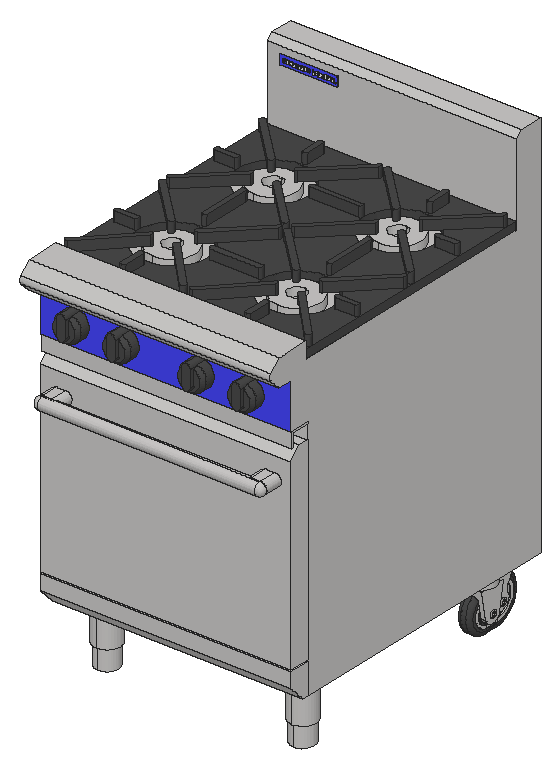
Revit family "QF_MOFFAT_BLUESEAL_CE_G504D", category Specialty Equipment, Revit 2012
Parameters
  Weight in Pounds = 346
  URL Cutsheet = "www.moffat.com"
  URL = "www.moffat.com"
  Type Mark [instance] = ""
  Status [instance] = ""
  Specification by User [instance] = ""
  Specification by Manufacturer = ""
  Show Logo [instance] = yes
  Show Clearance [instance] = yes
  Show Casters [instance] = yes
  Serial Number = ""
  Seismic Rating = ""
  SMACNA No = ""
  Revision Code [instance] = ""
  Omniclass Number and Title = ""
  NAFEM Spec ID Number = ""
  Model = "G504D"
  Mechanical Remarks [instance] = ""
  Mechanical Connection Type [instance] = ""
  Masterspec = ""
  Manufacturer = "MOFFAT BLUESEAL"
  Legs [instance] = not(Show Casters)  # no
  Item Number [instance] = ""
  Installed By [instance] = ""
  Identify Quantity as Lot [instance] = yes
  Gas Size = 3/4"
  Gas RI Height [instance] = 0 mm
  Gas KW [instance] = 34.6
  Gas Input [instance] = 118500.0 Btu/h
  Gas Connection Height = 0 mm
  Furnished By [instance] = ""
  Foodservice Equipment Identifier [instance] = yes
  Description = "600MM GAS RANGE WITH STATIC OVEN"
  CSI MasterFormat = ""
  CSI Master Format = ""
Reference planes
  plane 1 "BACK": y = 0
  plane 2: z = 0
  plane 3 "LEFT": x = 0
  plane 4 "RIGHT": x = 600
  plane 5 "FRONT": y = -812
  plane 6 "TOP": z = 970
  plane 7 "Center Y": x = 300
  plane 8 "Center X": y = -406
  plane 9: x = 65
  plane 10: x = 535
  plane 11: y = -100
  plane 12 "Base Height": z = 150
  plane 13: x = 65.8
  plane 14: x = 470
  plane 15: z = 1085
Forms (mm)
  Extrusion 1, solid, material "QF_Finishes_Stainless Steel"
    sketch origin (0, 0, 0) x (0, 1, 0) y (0, 0, 1)
      loop
        line (-784.97, 850) -> (-749, 850) -> (-749, 740) -> (-699, 740) -> (-699, 150) -> (0, 150) -> (0, 1085) -> (-57.5, 1085) -> (-70, 1072.5) -> (-70, 875) -> (-705, 875) -> (-705, 915) -> (-783.97, 915) -> (-808.525, 890.445)
        arc (-808.525, 890.445) -> (-812.023, 882) -> (-808.525, 873.555) r 11.943
        line (-808.525, 873.555) -> (-784.97, 850)
    from 0 to 600
  Extrusion 2, solid, material "QF_Finishes_Stainless Steel"
    sketch origin (405.062, 3, 100) x (1, 0, 0) y (0, 1, 0)
      loop
        circle (65, -35) r 13.5
    from 555 to 640
  Revolve 3, solid, material "QF_Finishes_Stainless Steel"
    sketch origin (65, -735, 0) x (0, 1, 0) y (0, 0, 1)
      loop
        line (71.25, 150) -> (71.25, 50) -> (75.5, 50) -> (75.5, 0) -> (103, 0) -> (103, 150) -> (71.25, 150)
      axis (103, 150) -> (103, 0)
    angle from 0 to 360
  Revolve 4, solid, material "QF_Finishes_Stainless Steel"
    sketch origin (535, -735, 0) x (0, 1, 0) y (0, 0, -1)
      loop
        line (71.25, -150) -> (103, -150) -> (103, 0) -> (75.5, 0) -> (75.5, -50) -> (71.25, -50) -> (71.25, -150)
      axis (103, -150) -> (103, 0)
    angle from 0 to 360
  Extrusion 5, solid, material "QF_Finishes_Black"
    sketch origin (0, -70, 875) x (0, -1, 0) y (1, 0, 0)
      loop
        arc (1, 4) -> (1.879, 1.879) -> (4, 1) r 3
        line (4, 1) -> (638, 1)
        arc (638, 1) -> (640.121, 1.879) -> (641, 4) r 3
        line (641, 4) -> (641, 596)
        arc (641, 596) -> (640.121, 598.121) -> (638, 599) r 3
        line (638, 599) -> (4, 599)
        arc (4, 599) -> (1.879, 598.121) -> (1, 596) r 3
        line (1, 596) -> (1, 4)
      loop
        circle (167.5, 150) r 85
      loop
        circle (167.5, 450) r 85
      loop
        circle (471.268, 150) r 85
      loop
        circle (471.268, 450) r 85
    from 0 to 19.5
  Extrusion 6, solid, material "QF_Finishes_Black"
    sketch origin (0, -70, 894.5) x (0, -1, 0) y (1, 0, 0)
      loop
        spline (323.602, 15.153) -> (322.681, 13.924) -> (322.131, 12.47) -> (321.99, 10.89) -> (322.267, 9.292) -> (322.943, 7.786) -> (323.973, 6.473) -> (325.286, 5.443) -> (326.792, 4.767) -> (328.39, 4.49) -> (329.97, 4.631) -> (331.424, 5.181) -> (332.653, 6.102)
        line (332.653, 6.102) -> (440.576, 114.025)
        spline (440.576, 114.025) -> (441.337, 115.095) -> (441.738, 116.399) -> (441.751, 117.851) -> (441.375, 119.35) -> (440.637, 120.795) -> (439.586, 122.086) -> (438.295, 123.137) -> (436.85, 123.875) -> (435.351, 124.251) -> (433.899, 124.238) -> (432.595, 123.837) -> (431.525, 123.076)
        line (431.525, 123.076) -> (323.602, 15.153)
      loop
        line (618.398, 15.153) -> (503.475, 123.076)
        spline (503.475, 123.076) -> (502.405, 123.837) -> (501.101, 124.238) -> (499.649, 124.251) -> (498.15, 123.875) -> (496.705, 123.137) -> (495.414, 122.086) -> (494.363, 120.795) -> (493.625, 119.35) -> (493.249, 117.851) -> (493.262, 116.399) -> (493.663, 115.095) -> (494.424, 114.025)
        line (494.424, 114.025) -> (609.347, 6.102)
        spline (609.347, 6.102) -> (610.416, 5.341) -> (611.721, 4.941) -> (613.172, 4.928) -> (614.671, 5.303) -> (616.116, 6.041) -> (617.408, 7.092) -> (618.459, 8.384) -> (619.197, 9.829) -> (619.572, 11.328) -> (619.559, 12.779) -> (619.159, 14.084) -> (618.398, 15.153)
      loop
        spline (375.602, 143.6) -> (376.896, 143.818) -> (378.102, 144.457) -> (379.138, 145.475) -> (379.932, 146.8) -> (380.432, 148.344) -> (380.602, 150) -> (380.432, 151.656) -> (379.932, 153.2) -> (379.138, 154.525) -> (378.102, 155.543) -> (376.896, 156.182) -> (375.602, 156.4)
        line (375.602, 156.4) -> (259.398, 156.4)
        spline (259.398, 156.4) -> (258.104, 156.182) -> (256.898, 155.543) -> (255.862, 154.525) -> (255.068, 153.2) -> (254.568, 151.656) -> (254.398, 150) -> (254.568, 148.344) -> (255.068, 146.8) -> (255.862, 145.475) -> (256.898, 144.457) -> (258.104, 143.818) -> (259.398, 143.6)
        line (259.398, 143.6) -> (375.602, 143.6)
      loop
        spline (23.602, 15.153) -> (22.681, 13.924) -> (22.131, 12.47) -> (21.99, 10.89) -> (22.267, 9.292) -> (22.943, 7.786) -> (23.973, 6.473) -> (25.286, 5.443) -> (26.792, 4.767) -> (28.39, 4.49) -> (29.97, 4.631) -> (31.424, 5.181) -> (32.653, 6.102)
        line (32.653, 6.102) -> (140.576, 114.025)
        spline (140.576, 114.025) -> (141.337, 115.095) -> (141.738, 116.399) -> (141.751, 117.851) -> (141.375, 119.35) -> (140.637, 120.795) -> (139.586, 122.086) -> (138.295, 123.137) -> (136.85, 123.875) -> (135.351, 124.251) -> (133.899, 124.238) -> (132.595, 123.837) -> (131.525, 123.076)
        line (131.525, 123.076) -> (23.602, 15.153)
      loop
        line (311.398, 15.153) -> (203.475, 123.076)
        spline (203.475, 123.076) -> (202.405, 123.837) -> (201.101, 124.238) -> (199.649, 124.251) -> (198.15, 123.875) -> (196.705, 123.137) -> (195.414, 122.086) -> (194.363, 120.795) -> (193.625, 119.35) -> (193.249, 117.851) -> (193.262, 116.399) -> (193.663, 115.095) -> (194.424, 114.025)
        line (194.424, 114.025) -> (302.347, 6.102)
        spline (302.347, 6.102) -> (303.416, 5.341) -> (304.721, 4.941) -> (306.172, 4.928) -> (307.671, 5.303) -> (309.116, 6.041) -> (310.408, 7.092) -> (311.459, 8.384) -> (312.197, 9.829) -> (312.572, 11.328) -> (312.559, 12.779) -> (312.159, 14.084) -> (311.398, 15.153)
      loop
        line (323.602, 284.847) -> (431.525, 176.924)
        spline (431.525, 176.924) -> (432.595, 176.163) -> (433.899, 175.762) -> (435.351, 175.749) -> (436.85, 176.125) -> (438.295, 176.863) -> (439.586, 177.914) -> (440.637, 179.205) -> (441.375, 180.65) -> (441.751, 182.149) -> (441.738, 183.601) -> (441.337, 184.905) -> (440.576, 185.975)
        line (440.576, 185.975) -> (332.653, 293.898)
        spline (332.653, 293.898) -> (331.424, 294.819) -> (329.97, 295.369) -> (328.39, 295.51) -> (326.792, 295.233) -> (325.286, 294.557) -> (323.973, 293.527) -> (322.943, 292.214) -> (322.267, 290.708) -> (321.99, 289.11) -> (322.131, 287.53) -> (322.681, 286.076) -> (323.602, 284.847)
      loop
        spline (618.398, 284.847) -> (619.159, 285.916) -> (619.559, 287.221) -> (619.572, 288.672) -> (619.197, 290.171) -> (618.459, 291.616) -> (617.408, 292.908) -> (616.116, 293.959) -> (614.671, 294.697) -> (613.172, 295.072) -> (611.721, 295.059) -> (610.416, 294.659) -> (609.347, 293.898)
        line (609.347, 293.898) -> (494.424, 185.975)
        spline (494.424, 185.975) -> (493.663, 184.905) -> (493.262, 183.601) -> (493.249, 182.149) -> (493.625, 180.65) -> (494.363, 179.205) -> (495.414, 177.914) -> (496.705, 176.863) -> (498.15, 176.125) -> (499.649, 175.749) -> (501.101, 175.762) -> (502.405, 176.163) -> (503.475, 176.924)
        line (503.475, 176.924) -> (618.398, 284.847)
      loop
        spline (461.1, 241.898) -> (461.318, 240.604) -> (461.957, 239.398) -> (462.975, 238.362) -> (464.3, 237.568) -> (465.844, 237.068) -> (467.5, 236.898) -> (469.156, 237.068) -> (470.7, 237.568) -> (472.025, 238.362) -> (473.043, 239.398) -> (473.682, 240.604) -> (473.9, 241.898)
        line (473.9, 241.898) -> (473.9, 358.102)
        spline (473.9, 358.102) -> (473.682, 359.396) -> (473.043, 360.602) -> (472.025, 361.638) -> (470.7, 362.432) -> (469.156, 362.932) -> (467.5, 363.102) -> (465.844, 362.932) -> (464.3, 362.432) -> (462.975, 361.638) -> (461.957, 360.602) -> (461.318, 359.396) -> (461.1, 358.102)
        line (461.1, 358.102) -> (461.1, 241.898)
      loop
        line (23.602, 284.847) -> (131.525, 176.924)
        spline (131.525, 176.924) -> (132.595, 176.163) -> (133.899, 175.762) -> (135.351, 175.749) -> (136.85, 176.125) -> (138.295, 176.863) -> (139.586, 177.914) -> (140.637, 179.205) -> (141.375, 180.65) -> (141.751, 182.149) -> (141.738, 183.601) -> (141.337, 184.905) -> (140.576, 185.975)
        line (140.576, 185.975) -> (32.653, 293.898)
        spline (32.653, 293.898) -> (31.424, 294.819) -> (29.97, 295.369) -> (28.39, 295.51) -> (26.792, 295.233) -> (25.286, 294.557) -> (23.973, 293.527) -> (22.943, 292.214) -> (22.267, 290.708) -> (21.99, 289.11) -> (22.131, 287.53) -> (22.681, 286.076) -> (23.602, 284.847)
      loop
        spline (311.398, 284.847) -> (312.159, 285.916) -> (312.559, 287.221) -> (312.572, 288.672) -> (312.197, 290.171) -> (311.459, 291.616) -> (310.408, 292.908) -> (309.116, 293.959) -> (307.671, 294.697) -> (306.172, 295.072) -> (304.721, 295.059) -> (303.416, 294.659) -> (302.347, 293.898)
        line (302.347, 293.898) -> (194.424, 185.975)
        spline (194.424, 185.975) -> (193.663, 184.905) -> (193.262, 183.601) -> (193.249, 182.149) -> (193.625, 180.65) -> (194.363, 179.205) -> (195.414, 177.914) -> (196.705, 176.863) -> (198.15, 176.125) -> (199.649, 175.749) -> (201.101, 175.762) -> (202.405, 176.163) -> (203.475, 176.924)
        line (203.475, 176.924) -> (311.398, 284.847)
      loop
        spline (161.1, 241.898) -> (161.318, 240.604) -> (161.957, 239.398) -> (162.975, 238.362) -> (164.3, 237.568) -> (165.844, 237.068) -> (167.5, 236.898) -> (169.156, 237.068) -> (170.7, 237.568) -> (172.025, 238.362) -> (173.043, 239.398) -> (173.682, 240.604) -> (173.9, 241.898)
        line (173.9, 241.898) -> (173.9, 358.102)
        spline (173.9, 358.102) -> (173.682, 359.396) -> (173.043, 360.602) -> (172.025, 361.638) -> (170.7, 362.432) -> (169.156, 362.932) -> (167.5, 363.102) -> (165.844, 362.932) -> (164.3, 362.432) -> (162.975, 361.638) -> (161.957, 360.602) -> (161.318, 359.396) -> (161.1, 358.102)
        line (161.1, 358.102) -> (161.1, 241.898)
      loop
        line (323.602, 584.847) -> (431.525, 476.924)
        spline (431.525, 476.924) -> (432.595, 476.163) -> (433.899, 475.762) -> (435.351, 475.749) -> (436.85, 476.125) -> (438.295, 476.863) -> (439.586, 477.914) -> (440.637, 479.205) -> (441.375, 480.65) -> (441.751, 482.149) -> (441.738, 483.601) -> (441.337, 484.905) -> (440.576, 485.975)
        line (440.576, 485.975) -> (332.653, 593.898)
        spline (332.653, 593.898) -> (331.424, 594.819) -> (329.97, 595.369) -> (328.39, 595.51) -> (326.792, 595.233) -> (325.286, 594.557) -> (323.973, 593.527) -> (322.943, 592.214) -> (322.267, 590.708) -> (321.99, 589.11) -> (322.131, 587.53) -> (322.681, 586.076) -> (323.602, 584.847)
      loop
        spline (618.398, 584.847) -> (619.159, 585.916) -> (619.559, 587.221) -> (619.572, 588.672) -> (619.197, 590.171) -> (618.459, 591.616) -> (617.408, 592.908) -> (616.116, 593.959) -> (614.671, 594.697) -> (613.172, 595.072) -> (611.721, 595.059) -> (610.416, 594.659) -> (609.347, 593.898)
        line (609.347, 593.898) -> (494.424, 485.975)
        spline (494.424, 485.975) -> (493.663, 484.905) -> (493.262, 483.601) -> (493.249, 482.149) -> (493.625, 480.65) -> (494.363, 479.205) -> (495.414, 477.914) -> (496.705, 476.863) -> (498.15, 476.125) -> (499.649, 475.749) -> (501.101, 475.762) -> (502.405, 476.163) -> (503.475, 476.924)
        line (503.475, 476.924) -> (618.398, 584.847)
      loop
        line (375.602, 456.4) -> (259.398, 456.4)
        spline (259.398, 456.4) -> (258.104, 456.182) -> (256.898, 455.543) -> (255.862, 454.525) -> (255.068, 453.2) -> (254.568, 451.656) -> (254.398, 450) -> (254.568, 448.344) -> (255.068, 446.8) -> (255.862, 445.475) -> (256.898, 444.457) -> (258.104, 443.818) -> (259.398, 443.6)
        line (259.398, 443.6) -> (375.602, 443.6)
        spline (375.602, 443.6) -> (376.896, 443.818) -> (378.102, 444.457) -> (379.138, 445.475) -> (379.932, 446.8) -> (380.432, 448.344) -> (380.602, 450) -> (380.432, 451.656) -> (379.932, 453.2) -> (379.138, 454.525) -> (378.102, 455.543) -> (376.896, 456.182) -> (375.602, 456.4)
      loop
        line (23.602, 584.847) -> (131.525, 476.924)
        spline (131.525, 476.924) -> (132.595, 476.163) -> (133.899, 475.762) -> (135.351, 475.749) -> (136.85, 476.125) -> (138.295, 476.863) -> (139.586, 477.914) -> (140.637, 479.205) -> (141.375, 480.65) -> (141.751, 482.149) -> (141.738, 483.601) -> (141.337, 484.905) -> (140.576, 485.975)
        line (140.576, 485.975) -> (32.653, 593.898)
        spline (32.653, 593.898) -> (31.424, 594.819) -> (29.97, 595.369) -> (28.39, 595.51) -> (26.792, 595.233) -> (25.286, 594.557) -> (23.973, 593.527) -> (22.943, 592.214) -> (22.267, 590.708) -> (21.99, 589.11) -> (22.131, 587.53) -> (22.681, 586.076) -> (23.602, 584.847)
      loop
        spline (311.398, 584.847) -> (312.159, 585.916) -> (312.559, 587.221) -> (312.572, 588.672) -> (312.197, 590.171) -> (311.459, 591.616) -> (310.408, 592.908) -> (309.116, 593.959) -> (307.671, 594.697) -> (306.172, 595.072) -> (304.721, 595.059) -> (303.416, 594.659) -> (302.347, 593.898)
        line (302.347, 593.898) -> (194.424, 485.975)
        spline (194.424, 485.975) -> (193.663, 484.905) -> (193.262, 483.601) -> (193.249, 482.149) -> (193.625, 480.65) -> (194.363, 479.205) -> (195.414, 477.914) -> (196.705, 476.863) -> (198.15, 476.125) -> (199.649, 475.749) -> (201.101, 475.762) -> (202.405, 476.163) -> (203.475, 476.924)
        line (203.475, 476.924) -> (311.398, 584.847)
      loop
        spline (323.602, 315.153) -> (322.681, 313.924) -> (322.131, 312.47) -> (321.99, 310.89) -> (322.267, 309.292) -> (322.943, 307.786) -> (323.973, 306.473) -> (325.286, 305.443) -> (326.792, 304.767) -> (328.39, 304.49) -> (329.97, 304.631) -> (331.424, 305.181) -> (332.653, 306.102)
        line (332.653, 306.102) -> (440.576, 414.025)
        spline (440.576, 414.025) -> (441.337, 415.095) -> (441.738, 416.399) -> (441.751, 417.851) -> (441.375, 419.35) -> (440.637, 420.795) -> (439.586, 422.086) -> (438.295, 423.137) -> (436.85, 423.875) -> (435.351, 424.251) -> (433.899, 424.238) -> (432.595, 423.837) -> (431.525, 423.076)
        line (431.525, 423.076) -> (323.602, 315.153)
      loop
        line (618.398, 315.153) -> (503.475, 423.076)
        spline (503.475, 423.076) -> (502.405, 423.837) -> (501.101, 424.238) -> (499.649, 424.251) -> (498.15, 423.875) -> (496.705, 423.137) -> (495.414, 422.086) -> (494.363, 420.795) -> (493.625, 419.35) -> (493.249, 417.851) -> (493.262, 416.399) -> (493.663, 415.095) -> (494.424, 414.025)
        line (494.424, 414.025) -> (609.347, 306.102)
        spline (609.347, 306.102) -> (610.416, 305.341) -> (611.721, 304.941) -> (613.172, 304.928) -> (614.671, 305.303) -> (616.116, 306.041) -> (617.408, 307.092) -> (618.459, 308.384) -> (619.197, 309.829) -> (619.572, 311.328) -> (619.559, 312.779) -> (619.159, 314.084) -> (618.398, 315.153)
      loop
        spline (23.602, 315.153) -> (22.681, 313.924) -> (22.131, 312.47) -> (21.99, 310.89) -> (22.267, 309.292) -> (22.943, 307.786) -> (23.973, 306.473) -> (25.286, 305.443) -> (26.792, 304.767) -> (28.39, 304.49) -> (29.97, 304.631) -> (31.424, 305.181) -> (32.653, 306.102)
        line (32.653, 306.102) -> (140.576, 414.025)
        spline (140.576, 414.025) -> (141.337, 415.095) -> (141.738, 416.399) -> (141.751, 417.851) -> (141.375, 419.35) -> (140.637, 420.795) -> (139.586, 422.086) -> (138.295, 423.137) -> (136.85, 423.875) -> (135.351, 424.251) -> (133.899, 424.238) -> (132.595, 423.837) -> (131.525, 423.076)
        line (131.525, 423.076) -> (23.602, 315.153)
      loop
        line (311.398, 315.153) -> (203.475, 423.076)
        spline (203.475, 423.076) -> (202.405, 423.837) -> (201.101, 424.238) -> (199.649, 424.251) -> (198.15, 423.875) -> (196.705, 423.137) -> (195.414, 422.086) -> (194.363, 420.795) -> (193.625, 419.35) -> (193.249, 417.851) -> (193.262, 416.399) -> (193.663, 415.095) -> (194.424, 414.025)
        line (194.424, 414.025) -> (302.347, 306.102)
        spline (302.347, 306.102) -> (303.416, 305.341) -> (304.721, 304.941) -> (306.172, 304.928) -> (307.671, 305.303) -> (309.116, 306.041) -> (310.408, 307.092) -> (311.459, 308.384) -> (312.197, 309.829) -> (312.572, 311.328) -> (312.559, 312.779) -> (312.159, 314.084) -> (311.398, 315.153)
      loop
        spline (73.08, 143.6) -> (74.374, 143.818) -> (75.58, 144.457) -> (76.615, 145.475) -> (77.41, 146.8) -> (77.909, 148.344) -> (78.08, 150) -> (77.909, 151.656) -> (77.41, 153.2) -> (76.615, 154.525) -> (75.58, 155.543) -> (74.374, 156.182) -> (73.08, 156.4)
        line (73.08, 156.4) -> (26.876, 156.4)
        spline (26.876, 156.4) -> (25.582, 156.182) -> (24.376, 155.543) -> (23.34, 154.525) -> (22.546, 153.2) -> (22.046, 151.656) -> (21.876, 150) -> (22.046, 148.344) -> (22.546, 146.8) -> (23.34, 145.475) -> (24.376, 144.457) -> (25.582, 143.818) -> (26.876, 143.6)
        line (26.876, 143.6) -> (73.08, 143.6)
      loop
        spline (73.08, 443.612) -> (74.374, 443.83) -> (75.58, 444.469) -> (76.615, 445.486) -> (77.41, 446.812) -> (77.909, 448.355) -> (78.08, 450.012) -> (77.909, 451.668) -> (77.41, 453.212) -> (76.615, 454.537) -> (75.58, 455.554) -> (74.374, 456.194) -> (73.08, 456.412)
        line (73.08, 456.412) -> (26.876, 456.412)
        spline (26.876, 456.412) -> (25.582, 456.194) -> (24.376, 455.554) -> (23.34, 454.537) -> (22.546, 453.212) -> (22.046, 451.668) -> (21.876, 450.012) -> (22.046, 448.355) -> (22.546, 446.812) -> (23.34, 445.486) -> (24.376, 444.469) -> (25.582, 443.83) -> (26.876, 443.612)
        line (26.876, 443.612) -> (73.08, 443.612)
      loop
        spline (620.08, 143.6) -> (621.374, 143.818) -> (622.58, 144.457) -> (623.615, 145.475) -> (624.41, 146.8) -> (624.909, 148.344) -> (625.08, 150) -> (624.909, 151.656) -> (624.41, 153.2) -> (623.615, 154.525) -> (622.58, 155.543) -> (621.374, 156.182) -> (620.08, 156.4)
        line (620.08, 156.4) -> (566.876, 156.4)
        spline (566.876, 156.4) -> (565.582, 156.182) -> (564.376, 155.543) -> (563.34, 154.525) -> (562.546, 153.2) -> (562.046, 151.656) -> (561.876, 150) -> (562.046, 148.344) -> (562.546, 146.8) -> (563.34, 145.475) -> (564.376, 144.457) -> (565.582, 143.818) -> (566.876, 143.6)
        line (566.876, 143.6) -> (620.08, 143.6)
      loop
        spline (620.08, 443.612) -> (621.374, 443.83) -> (622.58, 444.469) -> (623.615, 445.486) -> (624.41, 446.812) -> (624.909, 448.355) -> (625.08, 450.012) -> (624.909, 451.668) -> (624.41, 453.212) -> (623.615, 454.537) -> (622.58, 455.554) -> (621.374, 456.194) -> (620.08, 456.412)
        line (620.08, 456.412) -> (566.876, 456.412)
        spline (566.876, 456.412) -> (565.582, 456.194) -> (564.376, 455.554) -> (563.34, 454.537) -> (562.546, 453.212) -> (562.046, 451.668) -> (561.876, 450.012) -> (562.046, 448.355) -> (562.546, 446.812) -> (563.34, 445.486) -> (564.376, 444.469) -> (565.582, 443.83) -> (566.876, 443.612)
        line (566.876, 443.612) -> (620.08, 443.612)
      loop
        spline (161.1, 13.784) -> (161.318, 12.49) -> (161.957, 11.284) -> (162.975, 10.248) -> (164.3, 9.454) -> (165.844, 8.954) -> (167.5, 8.784) -> (169.156, 8.954) -> (170.7, 9.454) -> (172.025, 10.248) -> (173.043, 11.284) -> (173.682, 12.49) -> (173.9, 13.784)
        line (173.9, 13.784) -> (173.9, 59.988)
        spline (173.9, 59.988) -> (173.682, 61.282) -> (173.043, 62.488) -> (172.025, 63.524) -> (170.7, 64.318) -> (169.156, 64.818) -> (167.5, 64.988) -> (165.844, 64.818) -> (164.3, 64.318) -> (162.975, 63.524) -> (161.957, 62.488) -> (161.318, 61.282) -> (161.1, 59.988)
        line (161.1, 59.988) -> (161.1, 13.784)
      loop
        spline (461.368, 13.784) -> (461.586, 12.49) -> (462.225, 11.284) -> (463.242, 10.248) -> (464.568, 9.454) -> (466.111, 8.954) -> (467.768, 8.784) -> (469.424, 8.954) -> (470.968, 9.454) -> (472.293, 10.248) -> (473.31, 11.284) -> (473.95, 12.49) -> (474.168, 13.784)
        line (474.168, 13.784) -> (474.168, 59.988)
        spline (474.168, 59.988) -> (473.95, 61.282) -> (473.31, 62.488) -> (472.293, 63.524) -> (470.968, 64.318) -> (469.424, 64.818) -> (467.768, 64.988) -> (466.111, 64.818) -> (464.568, 64.318) -> (463.242, 63.524) -> (462.225, 62.488) -> (461.586, 61.282) -> (461.368, 59.988)
        line (461.368, 59.988) -> (461.368, 13.784)
      loop
        spline (161.1, 542.764) -> (161.318, 541.47) -> (161.957, 540.264) -> (162.975, 539.229) -> (164.3, 538.434) -> (165.844, 537.934) -> (167.5, 537.764) -> (169.156, 537.934) -> (170.7, 538.434) -> (172.025, 539.229) -> (173.043, 540.264) -> (173.682, 541.47) -> (173.9, 542.764)
        line (173.9, 542.764) -> (173.9, 588.968)
        spline (173.9, 588.968) -> (173.682, 590.262) -> (173.043, 591.468) -> (172.025, 592.504) -> (170.7, 593.298) -> (169.156, 593.798) -> (167.5, 593.968) -> (165.844, 593.798) -> (164.3, 593.298) -> (162.975, 592.504) -> (161.957, 591.468) -> (161.318, 590.262) -> (161.1, 588.968)
        line (161.1, 588.968) -> (161.1, 542.764)
      loop
        spline (461.368, 542.764) -> (461.586, 541.47) -> (462.225, 540.264) -> (463.242, 539.229) -> (464.568, 538.434) -> (466.111, 537.934) -> (467.768, 537.764) -> (469.424, 537.934) -> (470.968, 538.434) -> (472.293, 539.229) -> (473.31, 540.264) -> (473.95, 541.47) -> (474.168, 542.764)
        line (474.168, 542.764) -> (474.168, 588.968)
        spline (474.168, 588.968) -> (473.95, 590.262) -> (473.31, 591.468) -> (472.293, 592.504) -> (470.968, 593.298) -> (469.424, 593.798) -> (467.768, 593.968) -> (466.111, 593.798) -> (464.568, 593.298) -> (463.242, 592.504) -> (462.225, 591.468) -> (461.586, 590.262) -> (461.368, 588.968)
        line (461.368, 588.968) -> (461.368, 542.764)
    from 0 to 23.5
  Revolve 7, solid, material "QF_Finishes_Black"
    sketch origin (208.75, 9, 759.75) x (0, -1, 0) y (0, 0, 1)
      loop
        line (789, 69.605) -> (766, 69.605) -> (766, 42.105) -> (756, 42.105) -> (756, 37.105) -> (800, 37.105) -> (800, 63.757) -> (789, 69.605)
      axis (800, 37.105) -> (756, 37.105)
    angle from 0 to 360
  Extrusion 8, solid, material "QF_Finishes_Black"
    sketch origin (70.319, 9, 655.753) x (1, 0, 0) y (0, 0, 1)
      loop
        line (148.431, 129) -> (148.431, 167.997)
        arc (148.431, 167.997) -> (138.431, 177.997) -> (128.431, 167.997) r 10
        line (128.431, 167.997) -> (128.431, 129)
        arc (128.431, 129) -> (138.431, 119) -> (148.431, 129) r 10
    from 759 to 808
  Revolve 9, solid, material "QF_Finishes_Black"
    sketch origin (88.749, 9, 759.623) x (0, 1, 0) y (0, 0, -1)
      loop
        line (-789, -69.5) -> (-766, -69.5) -> (-766, -42) -> (-756, -42) -> (-756, -37) -> (-800, -37) -> (-800, -63.651) -> (-789, -69.5)
      axis (-800, -37) -> (-756, -37)
    angle from 0 to 360
  Extrusion 10, solid, material "QF_Finishes_Black"
    sketch origin (227.019, 9, 759.781) x (-1, 0, 0) y (0, 0, -1)
      loop
        arc (148.269, -24.969) -> (138.269, -14.969) -> (128.269, -24.969) r 10
        line (128.269, -24.969) -> (128.269, -63.969)
        arc (128.269, -63.969) -> (138.269, -73.969) -> (148.269, -63.969) r 10
        line (148.269, -63.969) -> (148.269, -24.969)
    from 759 to 808
  Revolve 11, solid, material "QF_Finishes_Black"
    sketch origin (508.75, 9, 759.75) x (0, -1, 0) y (0, 0, 1)
      loop
        line (789, 69.605) -> (766, 69.605) -> (766, 42.105) -> (756, 42.105) -> (756, 37.105) -> (800, 37.105) -> (800, 63.757) -> (789, 69.605)
      axis (800, 37.105) -> (756, 37.105)
    angle from 0 to 360
  Extrusion 12, solid, material "QF_Finishes_Black"
    sketch origin (370.319, 9, 655.753) x (1, 0, 0) y (0, 0, 1)
      loop
        line (148.431, 129) -> (148.431, 167.997)
        arc (148.431, 167.997) -> (138.431, 177.997) -> (128.431, 167.997) r 10
        line (128.431, 167.997) -> (128.431, 129)
        arc (128.431, 129) -> (138.431, 119) -> (148.431, 129) r 10
    from 759 to 808
  Revolve 13, solid, material "QF_Finishes_Black"
    sketch origin (388.749, 9, 759.623) x (0, 1, 0) y (0, 0, -1)
      loop
        line (-789, -69.5) -> (-766, -69.5) -> (-766, -42) -> (-756, -42) -> (-756, -37) -> (-800, -37) -> (-800, -63.651) -> (-789, -69.5)
      axis (-800, -37) -> (-756, -37)
    angle from 0 to 360
  Extrusion 14, solid, material "QF_Finishes_Black"
    sketch origin (527.019, 9, 759.781) x (-1, 0, 0) y (0, 0, -1)
      loop
        arc (148.269, -24.969) -> (138.269, -14.969) -> (128.269, -24.969) r 10
        line (128.269, -24.969) -> (128.269, -63.969)
        arc (128.269, -63.969) -> (138.269, -73.969) -> (148.269, -63.969) r 10
        line (148.269, -63.969) -> (148.269, -24.969)
    from 759 to 808
  Extrusion 15, solid, material "QF_Door-Drawer Clearances", visible <- "Show Clearance", detail levels coarse
    sketch origin (0, 7, 0) x (0, -1, 0) y (0, 0, 1)
      loop
        line (756, 690.016) -> (756, 227.5) -> (1218.516, 227.5)
        arc (1218.516, 227.5) -> (1083.048, 554.548) -> (756, 690.016) r 462.516
    from 0 to -600
  Extrusion 16, void
    sketch origin (0, 0, 150) x (-1, 0, 0) y (0, -1, 0)
      loop
        line (-531.028, 89.21) -> (-531.028, -28.29) -> (-401.528, -28.29) -> (-401.528, 40.71) -> (-450.028, 89.21) -> (-531.028, 89.21)
    from 72.5 to 590
  Extrusion 17, solid, material "QF_Finishes_Stainless Steel"
    sketch origin (0, -70, 875) x (0, -1, 0) y (1, 0, 0)
      loop
        circle (171, 450) r 57
      loop
        circle (474.5, 450) r 57
      loop
        circle (474.5, 150) r 57
      loop
        circle (171, 150) r 57
      loop
        circle (168.302, 148.743) r 22
      loop
        circle (168.302, 448.743) r 22
      loop
        circle (471.802, 448.743) r 22
      loop
        circle (471.802, 148.743) r 22
    from 0 to 19.5
  Extrusion 18, solid, material "QF_Finishes_Stainless Steel"
    sketch origin (0, -749, 227.5) x (0, 0, 1) y (-1, 0, 0)
      loop
        line (380.625, -38.246) -> (380.625, -58.528)
        arc (380.625, -58.528) -> (395.625, -73.528) -> (410.625, -58.528) r 15
        line (410.625, -58.528) -> (410.625, -38.246)
        arc (410.625, -38.246) -> (395.625, -23.246) -> (380.625, -38.246) r 15
      loop
        arc (380.625, -560.539) -> (395.625, -575.539) -> (410.625, -560.539) r 15
        line (410.625, -560.539) -> (410.625, -540.257)
        arc (410.625, -540.257) -> (395.625, -525.257) -> (380.625, -540.257) r 15
        line (380.625, -540.257) -> (380.625, -560.539)
    from 0 to 44
  Revolve 19, solid, material "QF_Finishes_Stainless Steel"
    sketch origin (0, -793, 0) x (1, 0, 0) y (0, 0, 1)
      loop
        arc (575.539, 623.125) -> (571.146, 633.732) -> (560.539, 638.125) r 15
        line (560.539, 638.125) -> (38.246, 638.125)
        arc (38.246, 638.125) -> (27.64, 633.732) -> (23.246, 623.125) r 15
        line (23.246, 623.125) -> (575.539, 623.125)
      axis (575.539, 623.125) -> (23.246, 623.125)
    angle from 0 to 360
  Extrusion 20, solid, material "QF_Finishes_Stainless Steel"
    sketch origin (0, 9, 0) x (0, 1, 0) y (0, 0, 1)
      loop
        line (-708, 227.5) -> (-708, 700) -> (-734, 700) -> (-758, 676) -> (-758, 227.5) -> (-708, 227.5)
    from 0 to 600
  Extrusion 21, solid, material "QF_Finishes_Stainless Steel"
    sketch origin (0, 9, 0) x (0, 1, 0) y (0, 0, 1)
      loop
        line (-756, 738) -> (-756, 703) -> (-752.98, 703) -> (-752.98, 735) -> (-708, 735) -> (-708, 738) -> (-756, 738)
    from 0 to 600
  Extrusion 22, solid, material "QF_Finishes_Stainless Steel"
    sketch origin (0, 9, 0) x (0, 1, 0) y (0, 0, 1)
      loop
        line (-708, 222.5) -> (-758, 222.5) -> (-758, 186) -> (-722, 150) -> (-708, 150) -> (-708, 222.5)
    from 0 to 600
  Extrusion 23, solid, material "QF_Finishes_Stainless Steel", visible <- "Show Casters"
    sketch origin (71.501, 133.353, -8.783) x (0, 1, 0) y (0, 0, 1)
      loop
        line (-201.603, 118.783) -> (-265.103, 118.783) -> (-252.746, 53.895)
        arc (-252.746, 53.895) -> (-233.353, 38.783) -> (-213.959, 53.895) r 20
        line (-213.959, 53.895) -> (-201.603, 118.783)
    from -35.667 to 22.923
  Revolve 24, solid, material "QF_Finishes_Stainless Steel", visible <- "Show Casters"
    sketch origin (65, -203, 0) x (0, 1, 0) y (0, 0, 1)
      loop
        line (67.25, 150) -> (67.25, 110) -> (103, 110) -> (103, 150) -> (67.25, 150)
      axis (103, 150) -> (103, 110)
    angle from 0 to 360
  Revolve 25, solid, material "QF_Finishes_Stainless Steel", visible <- "Show Casters"
    sketch origin (535, -203, 0) x (0, 1, 0) y (0, 0, -1)
      loop
        line (67.25, -150) -> (103, -150) -> (103, -110) -> (67.25, -110) -> (67.25, -150)
      axis (103, -150) -> (103, -110)
    angle from 0 to 360
  Revolve 26, solid, material "QF_Finishes_Stainless Steel", visible <- "Show Casters"
    sketch origin (485.776, -99.755, -13.653) x (1, 0, 0) y (0, 0, 1)
      loop
        line (14.841, 64.453) -> (83.584, 64.453) -> (83.584, 67.958) -> (82.314, 69.228) -> (80.79, 69.228) -> (80.79, 72.674) -> (68.644, 72.674) -> (68.644, 82.639) -> (65.088, 84.692) -> (63.738, 93.028) -> (65.881, 93.028) -> (65.881, 99.378) -> (65.088, 99.378) -> (65.088, 105.728)
        arc (65.088, 105.728) -> (62.298, 112.463) -> (55.563, 115.253) r 9.525
        line (55.563, 115.253) -> (42.863, 115.253)
        arc (42.863, 115.253) -> (36.127, 112.463) -> (33.338, 105.728) r 9.525
        line (33.338, 105.728) -> (33.338, 99.378) -> (32.544, 99.378) -> (32.544, 93.028) -> (34.687, 93.028) -> (33.352, 84.781) -> (29.782, 82.719) -> (29.782, 72.674) -> (17.635, 72.674) -> (17.635, 69.228) -> (16.111, 69.228) -> (14.841, 67.958) -> (14.841, 64.453)
      axis (14.841, 64.453) -> (83.584, 64.453)
    angle from 0 to 360
  Extrusion 27, solid, material "QF_Finishes_Stainless Steel", visible <- "Show Casters"
    sketch origin (541.501, 133.353, -8.783) x (0, 1, 0) y (0, 0, 1)
      loop
        line (-201.603, 118.783) -> (-265.103, 118.783) -> (-252.746, 53.895)
        arc (-252.746, 53.895) -> (-233.353, 38.783) -> (-213.959, 53.895) r 20
        line (-213.959, 53.895) -> (-201.603, 118.783)
    from -35.667 to 22.923
  Revolve 28, solid, material "QF_Finishes_Stainless Steel", visible <- "Legs"
    sketch origin (65, -165, 0) x (0, 1, 0) y (0, 0, 1)
      loop
        line (33.25, 150) -> (33.25, 50) -> (37.5, 50) -> (37.5, 0) -> (65, 0) -> (65, 150) -> (33.25, 150)
      axis (65, 150) -> (65, 0)
    angle from 0 to 360
  Revolve 29, solid, material "QF_Finishes_Stainless Steel", visible <- "Legs"
    sketch origin (535, -165, 0) x (0, 1, 0) y (0, 0, -1)
      loop
        line (33.25, -150) -> (65, -150) -> (65, 0) -> (37.5, 0) -> (37.5, -50) -> (33.25, -50) -> (33.25, -150)
      axis (65, -150) -> (65, 0)
    angle from 0 to 360
  Revolve 30, solid, material "QF_Finishes_Stainless Steel", visible <- "Show Casters"
    sketch origin (114.224, -99.755, -13.653) x (-1, 0, 0) y (0, 0, -1)
      loop
        line (14.841, -64.453) -> (14.841, -67.958) -> (16.111, -69.228) -> (17.635, -69.228) -> (17.635, -72.674) -> (29.782, -72.674) -> (29.782, -82.719) -> (33.352, -84.781) -> (34.687, -93.028) -> (32.544, -93.028) -> (32.544, -99.378) -> (33.338, -99.378) -> (33.338, -105.728)
        arc (33.338, -105.728) -> (36.127, -112.463) -> (42.863, -115.253) r 9.525
        line (42.863, -115.253) -> (55.563, -115.253)
        arc (55.563, -115.253) -> (62.298, -112.463) -> (65.088, -105.728) r 9.525
        line (65.088, -105.728) -> (65.088, -99.378) -> (65.881, -99.378) -> (65.881, -93.028) -> (63.738, -93.028) -> (65.088, -84.692) -> (68.644, -82.639) -> (68.644, -72.674) -> (80.79, -72.674) -> (80.79, -69.228) -> (82.314, -69.228) -> (83.584, -67.958) -> (83.584, -64.453) -> (14.841, -64.453)
      axis (14.841, -64.453) -> (83.584, -64.453)
    angle from 0 to 360
Cuts and joins
  Extrusion 16 cuts Extrusion 1
Lines and regions (mm)
  Split face 1
    outline origin (600, 0, 1085) x (-1, 0, 0) y (0, -1, 0)
      loop
        arc (335.206, 45.385) -> (326.545, 40.385) -> (326.545, 30.385) r 10
        line (326.545, 30.385) -> (330.587, 23.385)
        arc (330.587, 23.385) -> (334.247, 19.725) -> (339.247, 18.385) r 10
        line (339.247, 18.385) -> (567.206, 18.385)
        arc (567.206, 18.385) -> (575.866, 23.385) -> (575.866, 33.385) r 10
        line (575.866, 33.385) -> (571.824, 40.385)
        arc (571.824, 40.385) -> (568.164, 44.045) -> (563.164, 45.385) r 10
        line (563.164, 45.385) -> (335.206, 45.385)
  Split face 2
    outline origin (600, 0, 1085) x (-1, 0, 0) y (0, -1, 0)
      loop
        arc (35.206, 45.385) -> (26.545, 40.385) -> (26.545, 30.385) r 10
        line (26.545, 30.385) -> (30.587, 23.385)
        arc (30.587, 23.385) -> (34.247, 19.725) -> (39.247, 18.385) r 10
        line (39.247, 18.385) -> (267.206, 18.385)
        arc (267.206, 18.385) -> (275.866, 23.385) -> (275.866, 33.385) r 10
        line (275.866, 33.385) -> (271.824, 40.385)
        arc (271.824, 40.385) -> (268.164, 44.045) -> (263.164, 45.385) r 10
        line (263.164, 45.385) -> (35.206, 45.385)
  symbolic lines
    curve 1: line (0, 0, 0) -> (0, -812, 0)
    curve 2: line (600, 0, 0) -> (0, 0, 0)
    curve 3: line (600, -812, 0) -> (600, 0, 0)
    curve 4: line (0, -812, 0) -> (600, -812, 0)
    curve 5: line (600, -705, 0) -> (0, -705, 0)
    curve 6: line (300, -70, 0) -> (300, -705, 0)
    curve 7: arc (150, -184, 0) -> (93, -241, 0) -> (150, -298, 0) r 57
    curve 8: arc (150, -298, 0) -> (207, -241, 0) -> (150, -184, 0) r 57
    curve 9: arc (450, -184, 0) -> (393, -241, 0) -> (450, -298, 0) r 57
    curve 10: arc (450, -298, 0) -> (507, -241, 0) -> (450, -184, 0) r 57
    curve 11: arc (150, -487.5, 0) -> (93, -544.5, 0) -> (150, -601.5, 0) r 57
    curve 12: arc (150, -601.5, 0) -> (207, -544.5, 0) -> (150, -487.5, 0) r 57
    curve 13: arc (450, -487.5, 0) -> (393, -544.5, 0) -> (450, -601.5, 0) r 57
    curve 14: arc (450, -601.5, 0) -> (507, -544.5, 0) -> (450, -487.5, 0) r 57
    curve 15: line (5.842, -93.966, 0) -> (118.979, -207.103, 0)
    curve 16: line (150, -91.33, 0) -> (150, -146.33, 0)
    curve 17: line (4.26, -237.741, 0) -> (64.26, -237.741, 0)
    curve 18: line (121.121, -266.113, 0) -> (6.585, -380.648, 0)
    curve 19: line (177.796, -266.64, 0) -> (292.595, -381.439, 0)
    curve 20: line (150, -322.5, 0) -> (150, -454.5, 0)
    curve 21: line (179.762, -206.71, 0) -> (292.899, -93.573, 0)
    curve 22: line (594.158, -93.966, 0) -> (477.486, -210.638, 0)
    curve 23: line (450, -91.33, 0) -> (450, -152.5, 0)
    curve 24: line (595.74, -237.741, 0) -> (535.74, -237.741, 0)
    curve 25: line (478.879, -266.113, 0) -> (593.415, -380.648, 0)
    curve 26: line (422.204, -266.64, 0) -> (307.405, -381.439, 0)
    curve 27: line (450, -322.5, 0) -> (450, -454.5, 0)
    curve 28: line (358.238, -237.741, 0) -> (242.49, -237.741, 0)
    curve 29: line (420.238, -206.71, 0) -> (307.101, -93.573, 0)
    curve 30: line (5.842, -688.034, 0) -> (120.588, -564.984, 0)
    curve 31: line (149.988, -690.67, 0) -> (149.988, -629.768, 0)
    curve 32: line (4.26, -537.134, 0) -> (64.26, -537.134, 0)
    curve 33: line (123.258, -511.774, 0) -> (6.585, -395.102, 0)
    curve 34: line (179.458, -507.448, 0) -> (292.595, -394.311, 0)
    curve 35: line (179.349, -566.66, 0) -> (292.899, -688.427, 0)
    curve 36: line (594.158, -688.034, 0) -> (480.19, -565.819, 0)
    curve 37: line (450.012, -690.67, 0) -> (450.012, -629.768, 0)
    curve 38: line (595.74, -537.729, 0) -> (535.74, -537.729, 0)
    curve 39: line (480.278, -508.239, 0) -> (593.415, -395.102, 0)
    curve 40: line (420.542, -507.448, 0) -> (307.405, -394.311, 0)
    curve 41: line (362.613, -537.729, 0) -> (237.613, -537.729, 0)
    curve 42: line (421.583, -565.66, 0) -> (307.101, -688.427, 0)
    curve 43: line (0, -70, 0) -> (600, -70, 0)
    curve 44: line (0, -391, 0) -> (599, -391, 0)
    curve 45: line (0, 0, 0) -> (0, -812, 0)
    curve 46: line (600, 0, 0) -> (0, 0, 0)
    curve 47: line (600, -812, 0) -> (600, 0, 0)
    curve 51: arc (150, -322.5, 0) -> (65, -237.5, 0) -> (150, -152.5, 0) r 85
    curve 52: arc (150, -152.5, 0) -> (235, -237.5, 0) -> (150, -322.5, 0) r 85
    curve 53: arc (450, -322.5, 0) -> (365, -237.5, 0) -> (450, -152.5, 0) r 85
    curve 54: arc (450, -152.5, 0) -> (535, -237.5, 0) -> (450, -322.5, 0) r 85
    curve 55: arc (148.743, -216.302, 150) -> (170.743, -238.302, 150) -> (148.743, -260.302, 150) r 22
    curve 56: arc (148.743, -260.302, 150) -> (126.743, -238.302, 150) -> (148.743, -216.302, 150) r 22
    curve 57: arc (448.743, -216.302, 150) -> (470.743, -238.302, 150) -> (448.743, -260.302, 150) r 22
    curve 58: arc (448.743, -260.302, 150) -> (426.743, -238.302, 150) -> (448.743, -216.302, 150) r 22
    curve 59: arc (148.743, -519.802, 150) -> (170.743, -541.802, 150) -> (148.743, -563.802, 150) r 22
    curve 60: arc (148.743, -563.802, 150) -> (126.743, -541.802, 150) -> (148.743, -519.802, 150) r 22
    curve 61: arc (448.743, -563.802, 150) -> (426.743, -541.802, 150) -> (448.743, -519.802, 150) r 22
    curve 62: arc (448.743, -519.802, 150) -> (470.743, -541.802, 150) -> (448.743, -563.802, 150) r 22
    curve 63: line (32.794, -18.385, 150) -> (260.753, -18.385, 150)
    curve 64: arc (260.753, -18.385, 150) -> (265.753, -19.725, 150) -> (269.413, -23.385, 150) r 10
    curve 65: line (269.413, -23.385, 150) -> (273.455, -30.385, 150)
    curve 66: arc (273.455, -30.385, 150) -> (273.455, -40.385, 150) -> (264.794, -45.385, 150) r 10
    curve 67: line (264.794, -45.385, 150) -> (36.836, -45.385, 150)
    curve 68: arc (36.836, -45.385, 150) -> (31.836, -44.045, 150) -> (28.176, -40.385, 150) r 10
    curve 69: line (28.176, -40.385, 150) -> (24.134, -33.385, 150)
    curve 70: arc (24.134, -33.385, 150) -> (24.134, -23.385, 150) -> (32.794, -18.385, 150) r 10
    curve 71: line (560.753, -18.385, 150) -> (332.794, -18.385, 150)
    curve 72: arc (332.794, -18.385, 150) -> (324.134, -23.385, 150) -> (324.134, -33.385, 150) r 10
    curve 73: line (324.134, -33.385, 150) -> (328.176, -40.385, 150)
    curve 74: arc (328.176, -40.385, 150) -> (331.836, -44.045, 150) -> (336.836, -45.385, 150) r 10
    curve 75: line (336.836, -45.385, 150) -> (564.794, -45.385, 150)
    curve 76: arc (564.794, -45.385, 150) -> (573.455, -40.385, 150) -> (573.455, -30.385, 150) r 10
    curve 77: line (573.455, -30.385, 150) -> (569.413, -23.385, 150)
    curve 78: arc (569.413, -23.385, 150) -> (565.753, -19.725, 150) -> (560.753, -18.385, 150) r 10
    curve 79: arc (450, -626.268, 150) -> (365, -541.268, 150) -> (450, -456.268, 150) r 85
    curve 80: arc (450, -456.268, 150) -> (535, -541.268, 150) -> (450, -626.268, 150) r 85
    curve 81: arc (150, -626.268, 150) -> (65, -541.268, 150) -> (150, -456.268, 150) r 85
    curve 82: arc (150, -456.268, 150) -> (235, -541.268, 150) -> (150, -626.268, 150) r 85
    curve 83: line (0, -783.97, 150) -> (600, -783.97, 150)
    curve 84: line (0, -57.5, 150) -> (600, -57.5, 150)
  symbolic lines, style "QF_Door-Drawer Clearances", visible <- "Show Clearance"
    curve 48: line (0, -812, 0) -> (0, -1218.516, 0)
    curve 49: line (0, -1218.516, 0) -> (600, -1218.516, 0)
    curve 50: line (600, -1218.516, 0) -> (600, -812, 0)
Dimensions and locks
  equal spacing: plane 3 "LEFT", plane 7 "Center Y", plane 4 "RIGHT"
  plane 3 "LEFT" to plane 4 "RIGHT" = 600 mm
  equal spacing: plane 5 "FRONT", plane 8 "Center X", plane 1 "BACK"
  plane 5 "FRONT" to plane 1 "BACK" = 812 mm  (x2)
  equal spacing: plane 4 "RIGHT", plane 7 "Center Y", plane 3 "LEFT"
  plane 4 "RIGHT" to plane 3 "LEFT" = 600 mm
  plane 6 "TOP" to level = 970 mm  (x2)
  Extrusion 2 to level = 655 mm
  Extrusion 2 to plane 1 "BACK" = 32 mm
  Extrusion 1 to level = 915 mm
  plane 12 "Base Height" to level = 150 mm
  plane 6 "TOP" to plane 2 = 970 mm
  locked: plane 2 to Extrusion 1 sketch curve at 875
  locked: plane 2 to Extrusion 1 sketch curve at 915
  Extrusion 5 sketch curve to plane 13 = 64.8 mm
  Revolve 26 sketch curve to Revolve 26 sketch curve = 50.8 mm
  Revolve 30 sketch curve to Revolve 30 sketch curve = 50.8 mm
  plane 15 to level = 1085 mm
  aligned and locked: level to plane 2
  aligned and locked: curve 3 to plane 4 "RIGHT"
Automatic sketch dimensions
  plane 14 to Extrusion 2 sketch curve = 0.062 mm
  plane 1 "BACK" to Extrusion 2 sketch curve = 32 mm
  Revolve 3 sketch curve to plane 12 "Base Height" = 0 mm
  Revolve 3 sketch curve to level = 0 mm
  level to Revolve 3 sketch curve = 50 mm
  Revolve 3 sketch curve to plane 5 "FRONT" = 148.25 mm
  Revolve 3 sketch curve to Revolve 3 sketch curve = 4.25 mm
  Revolve 3 sketch curve to Revolve 3 sketch curve = 27.5 mm  (x2)
  Revolve 3 sketch curve to Revolve 3 sketch curve = 55 mm
  Revolve 3 sketch curve to Revolve 3 sketch curve = 0 mm
  Revolve 4 sketch curve to plane 12 "Base Height" = 0 mm
  Revolve 4 sketch curve to level = 0 mm
  level to Revolve 4 sketch curve = 50 mm
  Revolve 4 sketch curve to plane 5 "FRONT" = 148.25 mm
  Revolve 4 sketch curve to Revolve 4 sketch curve = 4.25 mm
  Revolve 4 sketch curve to Revolve 4 sketch curve = 27.5 mm  (x2)
  Revolve 4 sketch curve to Revolve 4 sketch curve = 0 mm
  Revolve 4 sketch curve to Revolve 4 sketch curve = 55 mm
  plane 4 "RIGHT" to Extrusion 5 sketch curve = 4 mm  (x2)
  plane 11 to Extrusion 5 sketch curve = 29 mm
  Extrusion 5 sketch curve to Extrusion 5 sketch curve = 3 mm  (x2)
  Extrusion 5 sketch curve to plane 14 = 20 mm  (x2)
  Extrusion 5 sketch curve to plane 11 = 137.5 mm  (x2)
  Extrusion 5 sketch curve to plane 8 "Center X" = 135.268 mm  (x2)
  Extrusion 5 sketch curve to plane 5 "FRONT" = 104 mm  (x2)
  Extrusion 5 sketch curve to plane 13 = 84.2 mm  (x2)
  Extrusion 6 sketch curve to Extrusion 5 = 22.602 mm  (x4)
  Extrusion 6 sketch curve to Extrusion 5 = 25.876 mm  (x2)
  Extrusion 6 sketch curve to Extrusion 6 sketch curve = 4.525 mm  (x32)
  Extrusion 6 sketch curve to Extrusion 6 sketch curve = 46.204 mm  (x5)
  Extrusion 6 sketch curve to Extrusion 6 sketch curve = 58.445 mm  (x2)
  Extrusion 6 sketch curve to Extrusion 6 sketch curve = 0 mm  (x11)
  Extrusion 6 sketch curve to Extrusion 6 sketch curve = 20.524 mm  (x8)
  Extrusion 6 sketch curve to Extrusion 5 = 10.032 mm  (x2)
  Extrusion 6 sketch curve to Extrusion 6 sketch curve = 6.4 mm  (x12)
  Extrusion 6 sketch curve to Extrusion 6 sketch curve = 53.847 mm  (x16)
  Extrusion 6 sketch curve to Extrusion 6 sketch curve = 55.923 mm  (x8)
  Extrusion 6 sketch curve to Extrusion 6 sketch curve = 128.447 mm  (x6)
  Extrusion 6 sketch curve to Extrusion 5 = 5.102 mm  (x6)
  Extrusion 6 sketch curve to Extrusion 6 sketch curve = 12.205 mm  (x8)
  Extrusion 6 sketch curve to Extrusion 5 = 14.153 mm  (x2)
  Extrusion 6 sketch curve to Extrusion 6 sketch curve = 116.204 mm  (x4)
  Extrusion 6 sketch curve to Extrusion 6 sketch curve = 20.792 mm  (x2)
  Extrusion 6 sketch curve to Extrusion 6 sketch curve = 63.401 mm  (x2)
  Extrusion 6 sketch curve to Extrusion 5 = 31.653 mm  (x3)
  Extrusion 6 sketch curve to Extrusion 5 = 20.92 mm  (x2)
  Extrusion 6 sketch curve to Extrusion 5 = 12.784 mm  (x2)
  Extrusion 6 sketch curve to Extrusion 6 sketch curve = 54.037 mm  (x2)
  Extrusion 6 sketch curve to Extrusion 6 sketch curve = 20.536 mm  (x2)
  Extrusion 6 sketch curve to Extrusion 5 = 56.236 mm
  Revolve 7 sketch curve to plane 5 "FRONT" = 65 mm
  Revolve 7 sketch curve to Revolve 7 sketch curve = 10 mm
  Revolve 7 sketch curve to Revolve 7 sketch curve = 21.3 mm
  Revolve 7 sketch curve to Revolve 7 sketch curve = 23 mm
  Revolve 7 sketch curve to plane 5 "FRONT" = 21 mm
  Revolve 7 sketch curve to Revolve 7 sketch curve = 0 mm  (x2)
  Revolve 7 sketch curve to plane 6 "TOP" = 173.145 mm
  Revolve 7 sketch curve to Revolve 7 sketch curve = 5 mm
  Revolve 7 sketch curve to Revolve 7 sketch curve = 26.651 mm
  Revolve 7 sketch curve to Revolve 7 sketch curve = 5.849 mm
  Extrusion 8 sketch curve to plane 7 "Center Y" = 101.25 mm
  Extrusion 8 sketch curve to Extrusion 8 sketch curve = 10 mm
  Extrusion 8 sketch curve to plane 6 "TOP" = 185.247 mm
  Extrusion 8 sketch curve to Extrusion 8 sketch curve = 38.997 mm
  Revolve 9 sketch curve to plane 5 "FRONT" = 21 mm
  Revolve 9 sketch curve to Revolve 9 sketch curve = 0 mm  (x2)
  Revolve 9 sketch curve to Revolve 9 sketch curve = 11 mm
  Revolve 9 sketch curve to Revolve 9 sketch curve = 12.7 mm
  Revolve 9 sketch curve to Revolve 9 sketch curve = 23 mm
  Revolve 9 sketch curve to Revolve 9 sketch curve = 10 mm
  Revolve 9 sketch curve to plane 6 "TOP" = 140.877 mm
  Revolve 9 sketch curve to Revolve 9 sketch curve = 5.849 mm
  Revolve 9 sketch curve to Revolve 9 sketch curve = 27.5 mm
  Revolve 9 sketch curve to Revolve 9 sketch curve = 5 mm
  plane 9 to Extrusion 10 sketch curve = 33.75 mm
  Extrusion 10 sketch curve to Extrusion 10 sketch curve = 10 mm
  Extrusion 10 sketch curve to plane 6 "TOP" = 146.25 mm
  Extrusion 10 sketch curve to Extrusion 10 sketch curve = 39 mm
  Revolve 11 sketch curve to plane 5 "FRONT" = 65 mm
  Revolve 11 sketch curve to Revolve 11 sketch curve = 10 mm
  Revolve 11 sketch curve to Revolve 11 sketch curve = 21.3 mm
  Revolve 11 sketch curve to Revolve 11 sketch curve = 23 mm
  Revolve 11 sketch curve to plane 5 "FRONT" = 21 mm
  Revolve 11 sketch curve to Revolve 11 sketch curve = 0 mm  (x2)
  Revolve 11 sketch curve to plane 6 "TOP" = 173.145 mm
  Revolve 11 sketch curve to Revolve 11 sketch curve = 5 mm
  Revolve 11 sketch curve to Revolve 11 sketch curve = 26.651 mm
  Revolve 11 sketch curve to Revolve 11 sketch curve = 5.849 mm
  plane 14 to Extrusion 12 sketch curve = 28.75 mm
  Extrusion 12 sketch curve to Extrusion 12 sketch curve = 10 mm
  Extrusion 12 sketch curve to plane 6 "TOP" = 185.247 mm
  Extrusion 12 sketch curve to Extrusion 12 sketch curve = 38.997 mm
  Revolve 13 sketch curve to plane 5 "FRONT" = 21 mm
  Revolve 13 sketch curve to Revolve 13 sketch curve = 0 mm  (x2)
  Revolve 13 sketch curve to Revolve 13 sketch curve = 11 mm
  Revolve 13 sketch curve to Revolve 13 sketch curve = 12.7 mm
  Revolve 13 sketch curve to Revolve 13 sketch curve = 23 mm
  Revolve 13 sketch curve to Revolve 13 sketch curve = 10 mm
  Revolve 13 sketch curve to plane 6 "TOP" = 140.877 mm
  Revolve 13 sketch curve to Revolve 13 sketch curve = 5.849 mm
  Revolve 13 sketch curve to Revolve 13 sketch curve = 27.5 mm
  Revolve 13 sketch curve to Revolve 13 sketch curve = 5 mm
  Extrusion 14 sketch curve to plane 14 = 71.25 mm
  Extrusion 14 sketch curve to Extrusion 14 sketch curve = 10 mm
  Extrusion 14 sketch curve to plane 6 "TOP" = 146.25 mm
  Extrusion 14 sketch curve to Extrusion 14 sketch curve = 39 mm
  Extrusion 15 sketch curve to plane 5 "FRONT" = 63 mm
  plane 12 "Base Height" to Extrusion 15 sketch curve = 77.5 mm
  plane 5 "FRONT" to Extrusion 15 sketch curve = 399.516 mm
  plane 10 to Extrusion 16 sketch curve = 3.972 mm
  Extrusion 16 sketch curve to plane 14 = 19.972 mm
  Extrusion 16 sketch curve to plane 14 = 68.472 mm
  Extrusion 16 sketch curve to plane 1 "BACK" = 28.29 mm
  plane 1 "BACK" to Extrusion 16 sketch curve = 40.71 mm
  plane 11 to Extrusion 16 sketch curve = 10.79 mm
  Extrusion 17 sketch curve to Extrusion 1 = 168.302 mm  (x2)
  Extrusion 17 sketch curve to Extrusion 17 sketch curve = 2.698 mm  (x4)
  Extrusion 17 sketch curve to Extrusion 1 = 163.198 mm  (x2)
  Extrusion 1 to Extrusion 17 sketch curve = 148.743 mm  (x2)
  Extrusion 17 sketch curve to Extrusion 17 sketch curve = 1.257 mm  (x4)
  Extrusion 1 to Extrusion 17 sketch curve = 151.257 mm  (x2)
  curve 62 to plane 14 = 21.257 mm
  curve 58 to plane 14 = 21.257 mm
  plane 9 to curve 59 = 83.743 mm
  plane 9 to curve 56 = 83.743 mm
  curve 55 to plane 11 = 116.302 mm
  curve 57 to plane 11 = 116.302 mm
  curve 55 to curve 56 = 22 mm
  curve 57 to curve 58 = 22 mm
  curve 59 to plane 8 "Center X" = 113.802 mm
  curve 62 to plane 8 "Center X" = 113.802 mm
  curve 61 to curve 62 = 22 mm
  curve 59 to curve 60 = 22 mm
  Extrusion 18 sketch curve to plane 9 = 6.472 mm
  Extrusion 18 sketch curve to plane 6 "TOP" = 361.875 mm  (x2)
  Extrusion 18 sketch curve to plane 10 = 5.257 mm
  Extrusion 18 sketch curve to Extrusion 18 sketch curve = 15 mm  (x2)
  Extrusion 18 sketch curve to Extrusion 18 sketch curve = 20.282 mm  (x2)
  Revolve 19 sketch curve to plane 3 "LEFT" = 6.961 mm
  plane 3 "LEFT" to Revolve 19 sketch curve = 23.246 mm
  Revolve 19 sketch curve to Revolve 19 sketch curve = 15 mm
  Revolve 19 sketch curve to plane 10 = 25.539 mm
  plane 4 "RIGHT" to Revolve 19 sketch curve = 11.961 mm
  Revolve 19 sketch curve to plane 6 "TOP" = 346.875 mm
  Revolve 19 sketch curve to Revolve 19 sketch curve = 0 mm
  Extrusion 21 sketch curve to plane 5 "FRONT" = 65 mm
  Extrusion 21 sketch curve to Extrusion 21 sketch curve = 3.02 mm
  Extrusion 21 sketch curve to Extrusion 21 sketch curve = 44.98 mm
  Extrusion 21 sketch curve to plane 6 "TOP" = 267 mm
  Extrusion 21 sketch curve to Extrusion 21 sketch curve = 32 mm
  Extrusion 21 sketch curve to Extrusion 21 sketch curve = 3 mm
  Extrusion 22 sketch curve to plane 12 "Base Height" = 0 mm
  Extrusion 22 sketch curve to plane 5 "FRONT" = 63 mm
  plane 12 "Base Height" to Extrusion 20 sketch curve = 77.5 mm
  Extrusion 23 sketch curve to plane 11 = 0 mm
  Extrusion 23 sketch curve to plane 11 = 19.393 mm
  Extrusion 23 sketch curve to plane 11 = 31.75 mm
  plane 11 to Extrusion 23 sketch curve = 19.393 mm
  plane 11 to Extrusion 23 sketch curve = 31.75 mm
  level to Extrusion 23 sketch curve = 45.111 mm
  Extrusion 23 sketch curve to Extrusion 23 sketch curve = 4.889 mm
  Extrusion 23 sketch curve to plane 12 "Base Height" = 40 mm
  Revolve 24 sketch curve to plane 12 "Base Height" = 0 mm
  Revolve 24 sketch curve to plane 11 = 0 mm  (x2)
  Revolve 24 sketch curve to Revolve 24 sketch curve = 35.75 mm
  Revolve 24 sketch curve to plane 12 "Base Height" = 40 mm
  level to Revolve 24 sketch curve = 50 mm
  Revolve 24 sketch curve to level = 55 mm
  Revolve 25 sketch curve to plane 12 "Base Height" = 0 mm
  Revolve 25 sketch curve to plane 11 = 0 mm  (x2)
  Revolve 25 sketch curve to plane 11 = 35.75 mm
  Revolve 25 sketch curve to plane 12 "Base Height" = 40 mm
  level to Revolve 25 sketch curve = 50 mm
  Revolve 25 sketch curve to level = 55 mm
  level to Revolve 26 sketch curve = 50.8 mm
  plane 4 "RIGHT" to Revolve 26 sketch curve = 99.382 mm
  Revolve 26 sketch curve to Revolve 26 sketch curve = 1.27 mm  (x4)
  Revolve 26 sketch curve to Revolve 26 sketch curve = 1.524 mm  (x2)
  Revolve 26 sketch curve to Revolve 26 sketch curve = 12.146 mm  (x2)
  Revolve 26 sketch curve to Revolve 26 sketch curve = 2.762 mm
  Revolve 26 sketch curve to Revolve 26 sketch curve = 0.794 mm  (x2)
  level to Revolve 26 sketch curve = 71.128 mm
  Revolve 26 sketch curve to Revolve 26 sketch curve = 3.57 mm
  Revolve 26 sketch curve to plane 12 "Base Height" = 70.625 mm  (x2)
  Revolve 26 sketch curve to Revolve 26 sketch curve = 2.143 mm
  Revolve 26 sketch curve to Revolve 26 sketch curve = 9.525 mm
  Revolve 26 sketch curve to Revolve 26 sketch curve = 24.572 mm
  Revolve 26 sketch curve to Revolve 26 sketch curve = 12.7 mm
  Revolve 26 sketch curve to Revolve 26 sketch curve = 8.176 mm
  Revolve 26 sketch curve to Revolve 26 sketch curve = 1.349 mm  (x2)
  level to Revolve 26 sketch curve = 71.039 mm
  Revolve 26 sketch curve to Revolve 26 sketch curve = 3.556 mm
  level to Revolve 26 sketch curve = 55.575 mm
  Revolve 26 sketch curve to Revolve 26 sketch curve = 33.32 mm
  Revolve 26 sketch curve to Revolve 26 sketch curve = 20.239 mm
  Revolve 26 sketch curve to Revolve 26 sketch curve = 3.505 mm
  Revolve 26 sketch curve to Revolve 26 sketch curve = 3.447 mm  (x2)
  Revolve 26 sketch curve to Revolve 26 sketch curve = 2.053 mm
  Revolve 26 sketch curve to Revolve 26 sketch curve = 2.061 mm
  Revolve 26 sketch curve to Revolve 26 sketch curve = 6.35 mm  (x2)
  Extrusion 27 sketch curve to plane 11 = 0 mm
  Extrusion 27 sketch curve to plane 11 = 19.393 mm
  Extrusion 27 sketch curve to plane 11 = 31.75 mm
  plane 11 to Extrusion 27 sketch curve = 19.393 mm
  plane 11 to Extrusion 27 sketch curve = 31.75 mm
  level to Extrusion 27 sketch curve = 45.111 mm
  Extrusion 27 sketch curve to Extrusion 27 sketch curve = 4.889 mm
  Extrusion 27 sketch curve to plane 12 "Base Height" = 40 mm
  Revolve 28 sketch curve to plane 12 "Base Height" = 0 mm
  Revolve 28 sketch curve to level = 0 mm
  Revolve 28 sketch curve to plane 11 = 0 mm  (x2)
  Revolve 28 sketch curve to Revolve 28 sketch curve = 27.5 mm
  Revolve 28 sketch curve to Revolve 28 sketch curve = 31.75 mm
  Revolve 28 sketch curve to level = 55 mm
  Revolve 28 sketch curve to Revolve 28 sketch curve = 50 mm
  Revolve 28 sketch curve to Revolve 28 sketch curve = 0 mm
  Revolve 29 sketch curve to plane 12 "Base Height" = 0 mm
  Revolve 29 sketch curve to level = 0 mm
  Revolve 29 sketch curve to plane 11 = 0 mm  (x2)
  Revolve 29 sketch curve to Revolve 29 sketch curve = 27.5 mm
  Revolve 29 sketch curve to Revolve 29 sketch curve = 31.75 mm
  level to Revolve 29 sketch curve = 50 mm
  Revolve 29 sketch curve to Revolve 29 sketch curve = 0 mm
  Revolve 29 sketch curve to Revolve 29 sketch curve = 55 mm
  plane 9 to Revolve 30 sketch curve = 34.382 mm
  Revolve 30 sketch curve to Revolve 30 sketch curve = 1.27 mm  (x4)
  Revolve 30 sketch curve to Revolve 30 sketch curve = 1.524 mm  (x2)
  Revolve 30 sketch curve to Revolve 30 sketch curve = 12.146 mm  (x2)
  plane 9 to Revolve 30 sketch curve = 16.68 mm
  Revolve 30 sketch curve to Revolve 30 sketch curve = 0.794 mm  (x2)
  Revolve 30 sketch curve to Revolve 30 sketch curve = 3.57 mm
  Revolve 30 sketch curve to Revolve 30 sketch curve = 2.143 mm
  plane 9 to Revolve 30 sketch curve = 6.361 mm
  Revolve 30 sketch curve to plane 9 = 5.13 mm
  Revolve 30 sketch curve to plane 9 = 6.339 mm
  Revolve 30 sketch curve to plane 9 = 14.515 mm
  Revolve 30 sketch curve to Revolve 30 sketch curve = 1.349 mm  (x2)
  Revolve 30 sketch curve to Revolve 30 sketch curve = 3.556 mm
  Revolve 30 sketch curve to plane 3 "LEFT" = 2.68 mm
  Revolve 30 sketch curve to plane 12 "Base Height" = 48.4 mm
  Revolve 30 sketch curve to Revolve 30 sketch curve = 6.35 mm  (x4)
  Revolve 30 sketch curve to Revolve 30 sketch curve = 8.247 mm
  Revolve 30 sketch curve to Revolve 30 sketch curve = 8.336 mm
  Revolve 30 sketch curve to Revolve 30 sketch curve = 2.061 mm
  Revolve 30 sketch curve to Revolve 30 sketch curve = 2.053 mm
  Revolve 30 sketch curve to Revolve 30 sketch curve = 10.045 mm
  Revolve 30 sketch curve to Revolve 30 sketch curve = 9.964 mm
  Revolve 30 sketch curve to Revolve 30 sketch curve = 3.447 mm  (x2)
  Revolve 30 sketch curve to Revolve 30 sketch curve = 3.505 mm
